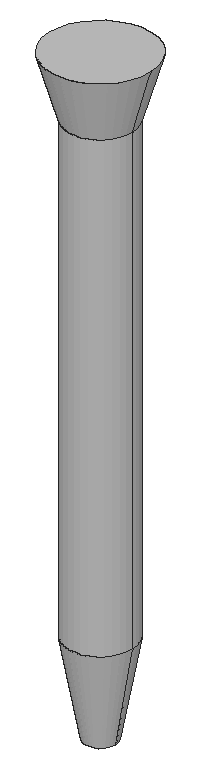
Revit family "221010025038010", category Generic Models, Revit 2018
Family settings
  Can host rebar = No
  Round Connector Dimension = Use Diameter
  Part Type = Normal
  Work Plane-Based = No
  Always vertical = No
  Cut with Voids When Loaded = No
  Shared = No
  Room Calculation Point = No
Parameters (values of type "PERNO CLIP ENCASTRE RAINBODECK NYLON N1C NATURAL")
  Ventajas = ""
  Uso = ""
  Unidad = "Por unidad."
  URL = "https://www.empresascnp.cl/"
  Num SKUs = "221010025038010"
  Nombre SKU = "PERNO CLIP ENCASTRE RAINBODECK NYLON N1C NATURAL"
  Model = "PERNO CLIP ENCASTRE RAINBODECK"
  Material = Cromado
  Url Ficha tecnica = "https://empresascnp.cl/wp-content/uploads//pdf/ficha-tecnica-perno-clip-encastre-rainbodeck-nylon-n1c-natural.pdf"
  Espesor = 0.00 mm
  Empresa = "CNP SPA."
  Dureza = ""
  Dimension = 0.00 mm
  Description = "PERNO CLIP ENCASTRE RAINBODECK NYLON N1C NATURAL"
  Contacto = "info@empresascnp.cl"
  Color = "Negro"
  Aplicacion = "Perno requerido para la instalación de las tablas de Deck de WPC"
Reference planes
  plane 1 "Center F/B": y = 0
  plane 2: z = 0
  plane 3 "Center L/R": x = 0
  plane 4: z = 0
Forms (mm)
  Blend 1, solid, material "Cromado" <- "Material"
    base sketch origin (7.661, 26.449, 0) x (1, 0, 0) y (0, 1, 0)
      loop
        circle (-7.661, -26.449) r 1.096
    top sketch origin (7.661, 26.449, 0) x (1, 0, 0) y (0, 1, 0)
      loop
        circle (-7.661, -26.449) r 0.7
    from 0 to -1.3
  Blend 2, solid, material "Cromado" <- "Material"
    base sketch origin (7.661, 26.449, -1.3) x (1, 0, 0) y (0, 1, 0)
      loop
        circle (-7.661, -26.449) r 0.325
    top sketch origin (7.661, 26.449, -1.3) x (1, 0, 0) y (0, 1, 0)
      loop
        circle (-7.661, -26.449) r 0.7
    from -11.984 to -10
  Extrusion 3, solid, material "Cromado" <- "Material"
    sketch origin (7.661, 26.449, 0) x (1, 0, 0) y (0, 1, 0)
      loop
        circle (-7.661, -26.449) r 0.7
    from -11.3 to -1.3
Dimensions and locks
  "Dimension": plane 4 to level
Automatic sketch dimensions
  Blend 1 sketch curve to plane 3 "Center L/R" = 0.00 mm  (x2)
  plane 1 "Center F/B" to Blend 1 sketch curve = 0.00 mm  (x2)
  Blend 2 sketch curve to plane 3 "Center L/R" = 0.00 mm  (x2)
  plane 1 "Center F/B" to Blend 2 sketch curve = 0.00 mm  (x2)
  Extrusion 3 sketch curve to plane 3 "Center L/R" = 0.00 mm
  plane 1 "Center F/B" to Extrusion 3 sketch curve = 0.00 mm
  radius of Blend 1 sketch curve = 1.096 mm
  radius of Blend 1 sketch curve = 0.70 mm
  radius of Blend 2 sketch curve = 0.325 mm
  radius of Extrusion 3 sketch curve = 0.70 mm
  radius of Blend 2 sketch curve = 0.70 mm
